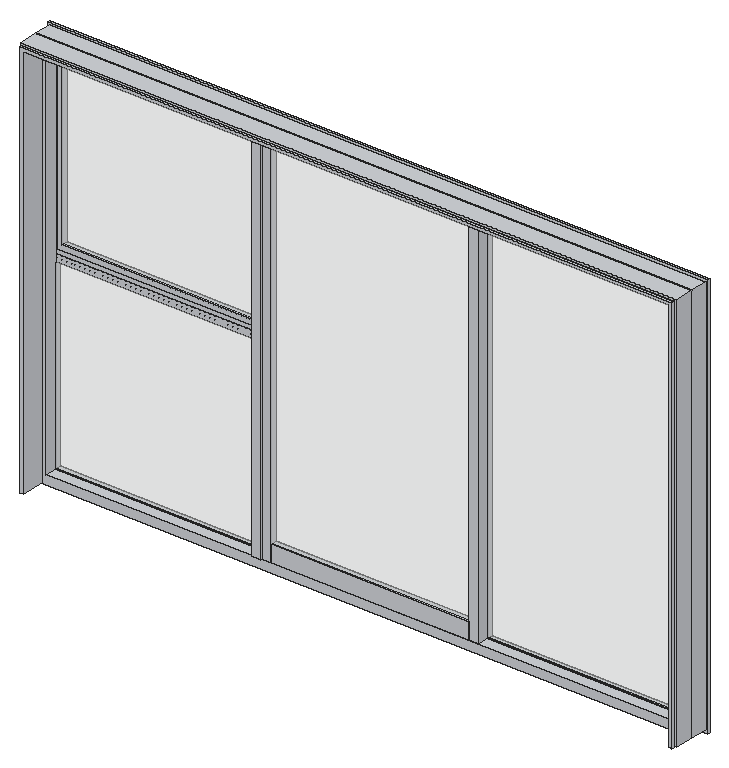
Revit family "APL Residential Thermal Heart Sliding Door FSF with Sidelight", category Doors, host Wall, Revit 2017 (continued)
Definition of nested family "APL Residential Thermal Heart Sliding Door FSF with Sidelight Horizontal Section"
  Definition of nested family "Three Panel Closer"
    Definition of nested family "65720_Sash"
      Lines and regions (mm)
        model lines, in view "Ref. Level"
          curve 235: arc (5.501, -22.65, 0) -> (5.359, -22.708, 0) -> (5.3, -22.85, 0) r 0.2
          curve 236: arc (5.3, -23.2, 0) -> (5.241, -23.341, 0) -> (5.1, -23.4, 0) r 0.201
          curve 237: arc (4.497, -23.4, 0) -> (4.357, -23.341, 0) -> (4.3, -23.2, 0) r 0.198
          curve 238: arc (4.3, -20.1, 0) -> (4.358, -19.96, 0) -> (4.497, -19.9, 0) r 0.2
          curve 239: arc (5.1, -19.9, 0) -> (5.241, -19.959, 0) -> (5.3, -20.1, 0) r 0.2
          curve 240: arc (5.3, -20.45, 0) -> (5.359, -20.591, 0) -> (5.5, -20.65, 0) r 0.2
          curve 241: arc (6.1, -20.65, 0) -> (6.241, -20.591, 0) -> (6.3, -20.45, 0) r 0.2
          curve 242: arc (6.3, -19.092, 0) -> (6.244, -18.951, 0) -> (6.1, -18.9, 0) r 0.184
          curve 243: arc (6.217, -8, 0) -> (6.522, -7.801, 0) -> (6.795, -8.043, 0) r 0.3
          curve 244: arc (6.795, -8.043, 0) -> (6.861, -8.181, 0) -> (6.987, -8.268, 0) r 0.3
          curve 245: arc (8.397, -8.782, 0) -> (8.683, -8.738, 0) -> (8.799, -8.474, 0) r 0.3
          curve 246: arc (8.592, -6.108, 0) -> (8.565, -6.008, 0) -> (8.505, -5.922, 0) r 0.3
          curve 247: arc (8.141, -5.559, 0) -> (7.948, -5.507, 0) -> (7.807, -5.648, 0) r 0.2
          curve 248: arc (7.762, -5.816, 0) -> (7.71, -5.905, 0) -> (7.621, -5.957, 0) r 0.2
          curve 249: arc (5.4, -6.5, 0) -> (5.12, -6.307, 0) -> (5.2, -5.976, 0) r 0.3
          curve 250: arc (5.2, -5.976, 0) -> (5.274, -5.875, 0) -> (5.3, -5.753, 0) r 0.3
          curve 251: arc (5.106, -1.75, 0) -> (5.142, -1.578, 0) -> (5.3, -1.5, 0) r 0.2
          curve 252: arc (5.82, -1.5, 0) -> (5.902, -1.511, 0) -> (5.977, -1.544, 0) r 0.3
          curve 253: arc (7.231, -2.309, 0) -> (7.228, -2.479, 0) -> (7.334, -2.611, 0) r 0.25
          curve 254: arc (7.42, -2.663, 0) -> (7.672, -2.668, 0) -> (7.8, -2.45, 0) r 0.25
          curve 255: arc (-0.454, 6.272, 0) -> (-0.427, 6.485, 0) -> (-0.608, 6.6, 0) r 0.2
          curve 256: arc (-3.4, 6.6, 0) -> (-4.107, 6.307, 0) -> (-4.4, 5.6, 0) r 1
          curve 257: arc (-4.4, -2.447, 0) -> (-4.254, -2.802, 0) -> (-3.9, -2.949, 0) r 0.5
          curve 258: arc (-2.4, -2.949, 0) -> (-1.693, -3.242, 0) -> (-1.4, -3.949, 0) r 1
          curve 259: arc (-1.4, -4.449, 0) -> (-1.9, -4.949, 0) -> (-2.4, -4.449, 0) r 0.5
          curve 260: arc (-4, -3.949, 0) -> (-4.283, -4.067, 0) -> (-4.4, -4.349, 0) r 0.4
          curve 261: arc (-4.4, -9.05, 0) -> (-4, -9.45, 0) -> (-4.4, -9.85, 0) r 0.4
          curve 262: arc (-4.4, -14.452, 0) -> (-4.347, -14.721, 0) -> (-4.195, -14.949, 0) r 0.7
          curve 263: arc (-2.4, -14.449, 0) -> (-1.9, -13.949, 0) -> (-1.4, -14.449, 0) r 0.5
          curve 264: arc (-1.4, -15.007, 0) -> (-1.602, -15.609, 0) -> (-2.125, -15.969, 0) r 1
          curve 265: arc (-2.125, -15.969, 0) -> (-2.472, -16.324, 0) -> (-2.341, -16.803, 0) r 0.5
          curve 266: arc (2.959, -22.103, 0) -> (3.177, -22.146, 0) -> (3.3, -21.962, 0) r 0.2
          curve 267: line (7.8, 0.874, 0) -> (7.8, 2.449, 0)
          curve 268: line (7.231, 2.309, 0) -> (5.977, 1.544, 0)
          curve 269: line (5.977, 1.544, 0) -> (5.3, 1.5, 0)
          curve 270: line (5.106, 1.75, 0) -> (5.294, 2.475, 0)
          curve 271: line (5.294, 2.475, 0) -> (5.3, 5.753, 0)
          curve 272: line (5.554, 6.5, 0) -> (7.621, 5.957, 0)
          curve 273: line (7.621, 5.957, 0) -> (7.807, 5.648, 0)
          curve 274: line (8.141, 5.559, 0) -> (8.505, 5.922, 0)
          curve 275: line (8.592, 6.108, 0) -> (8.799, 8.474, 0)
          curve 276: line (8.397, 8.782, 0) -> (6.987, 8.268, 0)
          curve 277: line (6.217, 8, 0) -> (-3.3, 8, 0)
          curve 278: line (-4.3, 9, 0) -> (-4.3, 18.8, 0)
          curve 279: line (-4.1, 19, 0) -> (-3.2, 19, 0)
          curve 280: line (-2.2, 20, 0) -> (-2.2, 20.751, 0)
          curve 281: line (-3.2, 20.751, 0) -> (-3.2, 20, 0)
          curve 282: line (-3.2, 20, 0) -> (-4.7, 20, 0)
          curve 283: line (-4.7, 20, 0) -> (-4.7, 25.5, 0)
          curve 284: line (-4.7, 25.5, 0) -> (-3.2, 25.5, 0)
          curve 285: line (-3.2, 25.5, 0) -> (-3.2, 24.751, 0)
          curve 286: line (-2.2, 24.751, 0) -> (-2.2, 25.501, 0)
          curve 287: line (-3.199, 26.5, 0) -> (-4.7, 26.5, 0)
          curve 288: line (-5.7, 25.5, 0) -> (-5.7, -14.454, 0)
          curve 289: line (-5.114, -15.869, 0) -> (5.959, -26.941, 0)
          curve 290: line (6.3, -26.8, 0) -> (6.3, -22.85, 0)
          curve 291: line (6.1, -22.65, 0) -> (5.501, -22.65, 0)
          curve 292: line (5.3, -22.85, 0) -> (5.3, -23.2, 0)
          curve 293: line (5.1, -23.4, 0) -> (4.497, -23.4, 0)
          curve 294: line (4.3, -23.2, 0) -> (4.3, -20.1, 0)
          curve 295: line (4.497, -19.9, 0) -> (5.1, -19.9, 0)
          curve 296: line (5.3, -20.1, 0) -> (5.3, -20.45, 0)
          curve 297: line (5.5, -20.65, 0) -> (6.1, -20.65, 0)
          curve 298: line (6.3, -20.45, 0) -> (6.3, -19.092, 0)
          curve 299: line (6.1, -18.9, 0) -> (4.6, -18.9, 0)
          curve 300: line (4.6, -18.9, 0) -> (4.6, -8, 0)
          curve 301: line (4.6, -8, 0) -> (6.217, -8, 0)
          curve 302: line (6.987, -8.268, 0) -> (8.397, -8.782, 0)
          curve 303: line (8.799, -8.474, 0) -> (8.592, -6.108, 0)
          curve 304: line (8.505, -5.922, 0) -> (8.141, -5.559, 0)
          curve 305: line (7.807, -5.648, 0) -> (7.762, -5.816, 0)
          curve 306: line (7.762, -5.816, 0) -> (5.632, -6.49, 0)
          curve 307: line (5.632, -6.49, 0) -> (5.4, -6.5, 0)
          curve 308: line (5.3, -5.753, 0) -> (5.3, -2.525, 0)
          curve 309: line (5.3, -2.525, 0) -> (5.106, -1.75, 0)
          curve 310: line (5.3, -1.5, 0) -> (5.82, -1.5, 0)
          curve 311: line (5.821, -1.5, 0) -> (7.231, -2.309, 0)
          curve 312: line (7.8, -2.45, 0) -> (7.8, -0.874, 0)
          curve 313: line (-0.608, 6.6, 0) -> (-3.4, 6.6, 0)
          curve 314: line (-4.4, 5.6, 0) -> (-4.4, -2.447, 0)
          curve 315: line (-3.9, -2.949, 0) -> (-2.4, -2.949, 0)
          curve 316: line (-1.4, -3.949, 0) -> (-1.4, -4.449, 0)
          curve 317: line (-2.4, -4.449, 0) -> (-2.4, -3.949, 0)
          curve 318: line (-2.4, -3.949, 0) -> (-4, -3.949, 0)
          curve 319: line (-4.4, -4.349, 0) -> (-4.4, -9.05, 0)
          curve 320: line (-4.4, -9.85, 0) -> (-4.4, -14.452, 0)
          curve 321: line (-4.195, -14.949, 0) -> (-2.4, -14.949, 0)
          curve 322: line (-2.4, -14.949, 0) -> (-2.4, -14.449, 0)
          curve 323: line (-1.4, -14.449, 0) -> (-1.4, -15.007, 0)
          curve 324: line (-2.341, -16.803, 0) -> (2.959, -22.103, 0)
          curve 325: line (3.3, -21.962, 0) -> (3.3, 2.193, 0)
          curve 326: arc (3.3, 2.193, 0) -> (3.272, 2.296, 0) -> (3.194, 2.37, 0) r 0.2
          curve 327: arc (3.194, 2.37, 0) -> (2.838, 2.85, 0) -> (2.984, 3.43, 0) r 0.7
          curve 328: arc (2.984, 3.43, 0) -> (3.33, 4.4, 0) -> (2.984, 5.37, 0) r 1.53
          curve 329: arc (2.984, 5.37, 0) -> (2.892, 5.514, 0) -> (2.838, 5.676, 0) r 0.7
          curve 330: arc (2.838, 5.676, 0) -> (2.741, 5.888, 0) -> (2.559, 6.032, 0) r 0.5
          curve 331: arc (2.559, 6.032, 0) -> (1.8, 6.2, 0) -> (1.041, 6.032, 0) r 1.8
          curve 332: arc (1.041, 6.032, 0) -> (0.859, 5.888, 0) -> (0.762, 5.676, 0) r 0.5
          curve 333: arc (0.762, 5.676, 0) -> (0.708, 5.514, 0) -> (0.616, 5.37, 0) r 0.7
          curve 334: arc (0.616, 5.37, 0) -> (0.27, 4.4, 0) -> (0.616, 3.43, 0) r 1.53
          curve 335: arc (0.616, 3.43, 0) -> (0.519, 2.445, 0) -> (-0.466, 2.543, 0) r 0.7
          curve 336: arc (-0.466, 2.543, 0) -> (-1.13, 4.41, 0) -> (-0.454, 6.272, 0) r 2.93
      Text (mm)
        text "65720" at (33.241, 33.025, 0), in view "Ref. Level"
    Definition of nested family "65440_Closer"
      Reference planes
        plane 1 "Center (Front/Back)": y = 0
        plane 2: z = 0
        plane 3 "Center (Left/Right)": x = 0
      Lines and regions (mm)
        model lines, in view "Ref. Level"
          curve 1: arc (15.021, 8.957, 0) -> (15.11, 8.905, 0) -> (15.162, 8.816, 0) r 0.2
          curve 2: arc (15.207, 8.648, 0) -> (15.348, 8.507, 0) -> (15.541, 8.559, 0) r 0.2
          curve 3: arc (15.905, 8.922, 0) -> (15.965, 9.008, 0) -> (15.992, 9.108, 0) r 0.3
          curve 4: arc (16.199, 11.474, 0) -> (16.083, 11.738, 0) -> (15.797, 11.782, 0) r 0.3
          curve 5: arc (14.387, 11.268, 0) -> (14.261, 11.181, 0) -> (14.195, 11.043, 0) r 0.3
          curve 6: arc (14.195, 11.043, 0) -> (13.922, 10.801, 0) -> (13.617, 11, 0) r 0.3
          curve 7: arc (9.5, 11, 0) -> (9.359, 10.941, 0) -> (9.3, 10.8, 0) r 0.2
          curve 8: arc (9.3, 10.5, 0) -> (9.38, 10.2, 0) -> (9.6, 9.98, 0) r 0.6
          curve 9: arc (10.7, 9.345, 0) -> (10.773, 9.272, 0) -> (10.8, 9.172, 0) r 0.2
          curve 10: arc (10.8, 2, 0) -> (10.507, 1.293, 0) -> (9.8, 1, 0) r 1
          curve 11: arc (2.483, 1, 0) -> (1.783, 1.286, 0) -> (1.483, 1.98, 0) r 1
          curve 12: arc (1.322, 9.935, 0) -> (1.357, 10.052, 0) -> (1.453, 10.127, 0) r 0.2
          curve 13: arc (1.453, 10.127, 0) -> (1.621, 10.234, 0) -> (1.725, 10.403, 0) r 0.45
          curve 14: arc (1.725, 10.403, 0) -> (1.729, 10.522, 0) -> (1.665, 10.621, 0) r 0.2
          curve 15: arc (0.2, 11, 0) -> (0.059, 10.941, 0) -> (0, 10.8, 0) r 0.2
          curve 16: arc (0, -10.8, 0) -> (0.059, -10.941, 0) -> (0.2, -11, 0) r 0.2
          curve 17: arc (1.665, -10.621, 0) -> (1.729, -10.522, 0) -> (1.725, -10.403, 0) r 0.2
          curve 18: arc (1.725, -10.403, 0) -> (1.621, -10.234, 0) -> (1.453, -10.127, 0) r 0.45
          curve 19: arc (1.453, -10.127, 0) -> (1.357, -10.052, 0) -> (1.322, -9.935, 0) r 0.2
          curve 20: arc (1.483, -1.98, 0) -> (1.783, -1.286, 0) -> (2.483, -1, 0) r 1
          curve 21: arc (9.8, -1, 0) -> (10.507, -1.293, 0) -> (10.8, -2, 0) r 1
          curve 22: arc (10.8, -9.172, 0) -> (10.773, -9.272, 0) -> (10.7, -9.345, 0) r 0.2
          curve 23: arc (9.6, -9.98, 0) -> (9.38, -10.2, 0) -> (9.3, -10.5, 0) r 0.6
          curve 24: arc (9.3, -10.8, 0) -> (9.359, -10.941, 0) -> (9.5, -11, 0) r 0.2
          curve 25: arc (13.617, -11, 0) -> (13.922, -10.801, 0) -> (14.195, -11.043, 0) r 0.3
          curve 26: arc (14.195, -11.043, 0) -> (14.261, -11.181, 0) -> (14.387, -11.268, 0) r 0.3
          curve 27: arc (15.797, -11.782, 0) -> (16.083, -11.738, 0) -> (16.199, -11.474, 0) r 0.3
          curve 28: arc (15.992, -9.108, 0) -> (15.965, -9.008, 0) -> (15.905, -8.922, 0) r 0.3
          curve 29: arc (15.541, -8.559, 0) -> (15.348, -8.507, 0) -> (15.207, -8.648, 0) r 0.2
          curve 30: arc (15.162, -8.816, 0) -> (15.11, -8.905, 0) -> (15.021, -8.957, 0) r 0.2
          curve 31: arc (12.8, -9.5, 0) -> (12.52, -9.307, 0) -> (12.6, -8.976, 0) r 0.3
          curve 32: arc (12.6, -8.976, 0) -> (12.674, -8.875, 0) -> (12.7, -8.753, 0) r 0.3
          curve 33: arc (12.506, -4.75, 0) -> (12.542, -4.578, 0) -> (12.7, -4.5, 0) r 0.2
          curve 34: arc (13.221, -4.5, 0) -> (13.302, -4.511, 0) -> (13.377, -4.544, 0) r 0.3
          curve 35: arc (14.631, -5.309, 0) -> (14.628, -5.479, 0) -> (14.734, -5.611, 0) r 0.25
          curve 36: arc (14.82, -5.663, 0) -> (15.072, -5.668, 0) -> (15.2, -5.45, 0) r 0.25
          curve 37: arc (15.2, -3.001, 0) -> (15.054, -2.647, 0) -> (14.7, -2.5, 0) r 0.5
          curve 38: arc (12.901, -2.5, 0) -> (12.759, -2.442, 0) -> (12.7, -2.3, 0) r 0.2
          curve 39: arc (12.7, -0.4, 0) -> (13.1, 0, 0) -> (12.7, 0.4, 0) r 0.4
          curve 40: arc (12.7, 2.3, 0) -> (12.759, 2.441, 0) -> (12.9, 2.5, 0) r 0.2
          curve 41: arc (14.697, 2.5, 0) -> (15.053, 2.645, 0) -> (15.2, 3, 0) r 0.5
          curve 42: arc (15.2, 5.449, 0) -> (15.073, 5.668, 0) -> (14.82, 5.663, 0) r 0.25
          curve 43: arc (14.734, 5.611, 0) -> (14.628, 5.479, 0) -> (14.631, 5.309, 0) r 0.25
          curve 44: arc (13.377, 4.544, 0) -> (13.302, 4.511, 0) -> (13.221, 4.5, 0) r 0.3
          curve 45: arc (12.7, 4.5, 0) -> (12.542, 4.578, 0) -> (12.506, 4.75, 0) r 0.2
          curve 46: line (12.954, 9.5, 0) -> (15.021, 8.957, 0)
          curve 47: line (15.021, 8.957, 0) -> (15.207, 8.648, 0)
          curve 48: line (15.541, 8.559, 0) -> (15.905, 8.922, 0)
          curve 49: line (15.992, 9.108, 0) -> (16.199, 11.474, 0)
          curve 50: line (15.797, 11.782, 0) -> (14.387, 11.268, 0)
          curve 51: line (13.617, 11, 0) -> (9.5, 11, 0)
          curve 52: line (9.3, 10.8, 0) -> (9.3, 10.5, 0)
          curve 53: line (9.6, 9.98, 0) -> (10.7, 9.345, 0)
          curve 54: line (10.8, 9.172, 0) -> (10.8, 2, 0)
          curve 55: line (9.8, 1, 0) -> (2.483, 1, 0)
          curve 56: line (1.483, 1.98, 0) -> (1.322, 9.935, 0)
          curve 57: line (1.665, 10.621, 0) -> (1.269, 10.953, 0)
          curve 58: line (1.269, 10.953, 0) -> (0.2, 11, 0)
          curve 59: line (0, 10.8, 0) -> (0, -10.8, 0)
          curve 60: line (0.2, -11, 0) -> (1.141, -11, 0)
          curve 61: line (1.141, -11, 0) -> (1.665, -10.621, 0)
          curve 62: line (1.322, -9.935, 0) -> (1.483, -1.98, 0)
          curve 63: line (2.483, -1, 0) -> (9.8, -1, 0)
          curve 64: line (10.8, -2, 0) -> (10.8, -9.172, 0)
          curve 65: line (10.7, -9.345, 0) -> (9.6, -9.98, 0)
          curve 66: line (9.3, -10.5, 0) -> (9.3, -10.8, 0)
          curve 67: line (9.5, -11, 0) -> (13.617, -11, 0)
          curve 68: line (14.387, -11.268, 0) -> (15.797, -11.782, 0)
          curve 69: line (16.199, -11.474, 0) -> (15.992, -9.108, 0)
          curve 70: line (15.905, -8.922, 0) -> (15.541, -8.559, 0)
          curve 71: line (15.207, -8.648, 0) -> (15.162, -8.816, 0)
          curve 72: line (15.162, -8.816, 0) -> (13.032, -9.49, 0)
          curve 73: line (13.032, -9.49, 0) -> (12.8, -9.5, 0)
          curve 74: line (12.7, -8.753, 0) -> (12.7, -5.525, 0)
          curve 75: line (12.7, -5.525, 0) -> (12.506, -4.75, 0)
          curve 76: line (12.7, -4.5, 0) -> (13.221, -4.5, 0)
          curve 77: line (13.221, -4.5, 0) -> (14.631, -5.309, 0)
          curve 78: line (15.2, -5.45, 0) -> (15.2, -3.001, 0)
          curve 79: line (14.7, -2.5, 0) -> (12.901, -2.5, 0)
          curve 80: line (12.7, -2.3, 0) -> (12.7, -0.4, 0)
          curve 81: line (12.7, 0.4, 0) -> (12.7, 2.3, 0)
          curve 82: line (12.9, 2.5, 0) -> (14.697, 2.5, 0)
          curve 83: line (15.2, 3, 0) -> (15.2, 5.449, 0)
          curve 84: line (14.631, 5.309, 0) -> (13.377, 4.544, 0)
          curve 85: line (13.377, 4.544, 0) -> (12.7, 4.5, 0)
          curve 86: line (12.506, 4.75, 0) -> (12.694, 5.475, 0)
          curve 87: line (12.694, 5.475, 0) -> (12.7, 8.753, 0)
          curve 88: arc (12.7, 8.753, 0) -> (12.674, 8.875, 0) -> (12.6, 8.976, 0) r 0.3
          curve 89: arc (12.6, 8.976, 0) -> (12.52, 9.307, 0) -> (12.8, 9.5, 0) r 0.3
          curve 90: arc (12.7, -5.4, 0) -> (12.817, -5.117, 0) -> (13.1, -5, 0) r 0.4
          curve 91: arc (13.393, -5, 0) -> (13.496, -5.014, 0) -> (13.593, -5.054, 0) r 0.4
          curve 92: arc (15.121, -5.939, 0) -> (15.411, -6.059, 0) -> (15.722, -6.1, 0) r 1.2
          curve 93: arc (16.645, -6.1, 0) -> (17.218, -6.281, 0) -> (17.584, -6.758, 0) r 1
          curve 94: arc (18.377, -8.937, 0) -> (18.524, -9.128, 0) -> (18.753, -9.2, 0) r 0.4
          curve 95: arc (21.447, -9.2, 0) -> (21.676, -9.128, 0) -> (21.823, -8.937, 0) r 0.4
          curve 96: arc (22.616, -6.758, 0) -> (22.982, -6.281, 0) -> (23.555, -6.1, 0) r 1
          curve 97: arc (24.478, -6.1, 0) -> (24.789, -6.059, 0) -> (25.079, -5.939, 0) r 1.2
          curve 98: arc (26.607, -5.054, 0) -> (26.704, -5.014, 0) -> (26.807, -5, 0) r 0.4
          curve 99: arc (27.1, -5, 0) -> (27.383, -5.117, 0) -> (27.5, -5.4, 0) r 0.4
          curve 100: arc (27.5, -8.8, 0) -> (27.383, -9.083, 0) -> (27.1, -9.2, 0) r 0.4
          curve 101: arc (26.807, -9.2, 0) -> (26.704, -9.186, 0) -> (26.607, -9.146, 0) r 0.4
          curve 102: arc (25.079, -8.261, 0) -> (24.785, -8.14, 0) -> (24.47, -8.1, 0) r 1.2
          curve 103: arc (24.47, -8.1, 0) -> (24.295, -8.153, 0) -> (24.184, -8.297, 0) r 0.3
          curve 104: arc (23.296, -10.737, 0) -> (23.149, -10.928, 0) -> (22.92, -11, 0) r 0.4
          curve 105: arc (17.28, -11, 0) -> (17.051, -10.928, 0) -> (16.904, -10.737, 0) r 0.4
          curve 106: arc (16.016, -8.297, 0) -> (15.905, -8.153, 0) -> (15.73, -8.1, 0) r 0.3
          curve 107: arc (15.73, -8.1, 0) -> (15.415, -8.14, 0) -> (15.121, -8.261, 0) r 1.2
          curve 108: arc (13.593, -9.146, 0) -> (13.496, -9.186, 0) -> (13.393, -9.2, 0) r 0.4
          curve 109: arc (13.1, -9.2, 0) -> (12.817, -9.083, 0) -> (12.7, -8.8, 0) r 0.4
          curve 110: line (13.1, -5, 0) -> (13.393, -5, 0)
          curve 111: line (13.593, -5.054, 0) -> (15.121, -5.939, 0)
          curve 112: line (15.722, -6.1, 0) -> (16.645, -6.1, 0)
          curve 113: line (17.584, -6.758, 0) -> (18.377, -8.937, 0)
          curve 114: line (18.753, -9.2, 0) -> (21.447, -9.2, 0)
          curve 115: line (21.823, -8.937, 0) -> (22.616, -6.758, 0)
          curve 116: line (23.555, -6.1, 0) -> (24.478, -6.1, 0)
          curve 117: line (25.079, -5.939, 0) -> (26.607, -5.054, 0)
          curve 118: line (26.807, -5, 0) -> (27.1, -5, 0)
          curve 119: line (27.5, -5.4, 0) -> (27.5, -8.8, 0)
          curve 120: line (27.1, -9.2, 0) -> (26.807, -9.2, 0)
          curve 121: line (26.607, -9.146, 0) -> (25.079, -8.261, 0)
          curve 122: line (24.184, -8.297, 0) -> (23.296, -10.737, 0)
          curve 123: line (22.92, -11, 0) -> (17.28, -11, 0)
          curve 124: line (16.904, -10.737, 0) -> (16.016, -8.297, 0)
          curve 125: line (15.121, -8.261, 0) -> (13.593, -9.146, 0)
          curve 126: line (13.393, -9.2, 0) -> (13.1, -9.2, 0)
          curve 127: line (12.7, -8.8, 0) -> (12.7, -5.4, 0)
          curve 128: arc (12.7, 5.4, 0) -> (12.817, 5.117, 0) -> (13.1, 5, 0) r 0.4
          curve 129: arc (13.393, 5, 0) -> (13.496, 5.014, 0) -> (13.593, 5.054, 0) r 0.4
          curve 130: arc (15.121, 5.939, 0) -> (15.411, 6.059, 0) -> (15.722, 6.1, 0) r 1.2
          curve 131: arc (16.645, 6.1, 0) -> (17.218, 6.281, 0) -> (17.584, 6.758, 0) r 1
          curve 132: arc (18.377, 8.937, 0) -> (18.524, 9.128, 0) -> (18.753, 9.2, 0) r 0.4
          curve 133: arc (21.447, 9.2, 0) -> (21.676, 9.128, 0) -> (21.823, 8.937, 0) r 0.4
          curve 134: arc (22.616, 6.758, 0) -> (22.982, 6.281, 0) -> (23.555, 6.1, 0) r 1
          curve 135: arc (24.478, 6.1, 0) -> (24.789, 6.059, 0) -> (25.079, 5.939, 0) r 1.2
          curve 136: arc (26.607, 5.054, 0) -> (26.704, 5.014, 0) -> (26.807, 5, 0) r 0.4
          curve 137: arc (27.1, 5, 0) -> (27.383, 5.117, 0) -> (27.5, 5.4, 0) r 0.4
          curve 138: arc (27.5, 8.8, 0) -> (27.383, 9.083, 0) -> (27.1, 9.2, 0) r 0.4
          curve 139: arc (26.807, 9.2, 0) -> (26.704, 9.186, 0) -> (26.607, 9.146, 0) r 0.4
          curve 140: arc (25.079, 8.261, 0) -> (24.785, 8.14, 0) -> (24.47, 8.1, 0) r 1.2
          curve 141: arc (24.47, 8.1, 0) -> (24.295, 8.153, 0) -> (24.184, 8.297, 0) r 0.3
          curve 142: arc (23.296, 10.737, 0) -> (23.149, 10.928, 0) -> (22.92, 11, 0) r 0.4
          curve 143: arc (17.28, 11, 0) -> (17.051, 10.928, 0) -> (16.904, 10.737, 0) r 0.4
          curve 144: arc (16.016, 8.297, 0) -> (15.905, 8.153, 0) -> (15.73, 8.1, 0) r 0.3
          curve 145: arc (15.73, 8.1, 0) -> (15.415, 8.14, 0) -> (15.121, 8.261, 0) r 1.2
          curve 146: arc (13.593, 9.146, 0) -> (13.496, 9.186, 0) -> (13.393, 9.2, 0) r 0.4
          curve 147: arc (13.1, 9.2, 0) -> (12.817, 9.083, 0) -> (12.7, 8.8, 0) r 0.4
          curve 148: line (13.1, 5, 0) -> (13.393, 5, 0)
          curve 149: line (13.593, 5.054, 0) -> (15.121, 5.939, 0)
          curve 150: line (15.722, 6.1, 0) -> (16.645, 6.1, 0)
          curve 151: line (17.584, 6.758, 0) -> (18.377, 8.937, 0)
          curve 152: line (18.753, 9.2, 0) -> (21.447, 9.2, 0)
          curve 153: line (21.823, 8.937, 0) -> (22.616, 6.758, 0)
          curve 154: line (23.555, 6.1, 0) -> (24.478, 6.1, 0)
          curve 155: line (25.079, 5.939, 0) -> (26.607, 5.054, 0)
          curve 156: line (26.807, 5, 0) -> (27.1, 5, 0)
          curve 157: line (27.5, 5.4, 0) -> (27.5, 8.8, 0)
          curve 158: line (27.1, 9.2, 0) -> (26.807, 9.2, 0)
          curve 159: line (26.607, 9.146, 0) -> (25.079, 8.261, 0)
          curve 160: line (24.184, 8.297, 0) -> (23.296, 10.737, 0)
          curve 161: line (22.92, 11, 0) -> (17.28, 11, 0)
          curve 162: line (16.904, 10.737, 0) -> (16.016, 8.297, 0)
          curve 163: line (15.121, 8.261, 0) -> (13.593, 9.146, 0)
          curve 164: line (13.393, 9.2, 0) -> (13.1, 9.2, 0)
          curve 165: line (12.7, 8.8, 0) -> (12.7, 5.4, 0)
          curve 166: arc (70.2, 5.6, 0) -> (70.317, 5.883, 0) -> (70.6, 6, 0) r 0.4
          curve 167: arc (70.893, 6, 0) -> (70.996, 5.986, 0) -> (71.093, 5.946, 0) r 0.4
          curve 168: arc (72.621, 5.061, 0) -> (72.911, 4.941, 0) -> (73.222, 4.9, 0) r 1.2
          curve 169: arc (74.145, 4.9, 0) -> (74.718, 4.719, 0) -> (75.084, 4.242, 0) r 1
          curve 170: arc (75.877, 2.063, 0) -> (76.024, 1.872, 0) -> (76.253, 1.8, 0) r 0.4
          curve 171: arc (78.947, 1.8, 0) -> (79.176, 1.872, 0) -> (79.323, 2.063, 0) r 0.4
          curve 172: arc (80.116, 4.242, 0) -> (80.482, 4.719, 0) -> (81.055, 4.9, 0) r 1
          curve 173: arc (81.978, 4.9, 0) -> (82.289, 4.941, 0) -> (82.579, 5.061, 0) r 1.2
          curve 174: arc (84.107, 5.946, 0) -> (84.204, 5.986, 0) -> (84.307, 6, 0) r 0.4
          curve 175: arc (84.6, 6, 0) -> (84.883, 5.883, 0) -> (85, 5.6, 0) r 0.4
          curve 176: arc (85, 2.2, 0) -> (84.883, 1.917, 0) -> (84.6, 1.8, 0) r 0.4
          curve 177: arc (84.307, 1.8, 0) -> (84.204, 1.814, 0) -> (84.107, 1.854, 0) r 0.4
          curve 178: arc (82.579, 2.739, 0) -> (82.285, 2.86, 0) -> (81.97, 2.9, 0) r 1.2
          curve 179: arc (81.97, 2.9, 0) -> (81.795, 2.847, 0) -> (81.684, 2.703, 0) r 0.3
          curve 180: arc (80.796, 0.263, 0) -> (80.649, 0.072, 0) -> (80.42, 0, 0) r 0.4
          curve 181: arc (74.78, 0, 0) -> (74.551, 0.072, 0) -> (74.404, 0.263, 0) r 0.4
          curve 182: arc (73.516, 2.703, 0) -> (73.405, 2.847, 0) -> (73.23, 2.9, 0) r 0.3
          curve 183: arc (73.23, 2.9, 0) -> (72.915, 2.86, 0) -> (72.621, 2.739, 0) r 1.2
          curve 184: arc (71.093, 1.854, 0) -> (70.996, 1.814, 0) -> (70.893, 1.8, 0) r 0.4
          curve 185: arc (70.6, 1.8, 0) -> (70.317, 1.917, 0) -> (70.2, 2.2, 0) r 0.4
          curve 186: line (70.6, 6, 0) -> (70.893, 6, 0)
          curve 187: line (71.093, 5.946, 0) -> (72.621, 5.061, 0)
          curve 188: line (73.222, 4.9, 0) -> (74.145, 4.9, 0)
          curve 189: line (75.084, 4.242, 0) -> (75.877, 2.063, 0)
          curve 190: line (76.253, 1.8, 0) -> (78.947, 1.8, 0)
          curve 191: line (79.323, 2.063, 0) -> (80.116, 4.242, 0)
          curve 192: line (81.055, 4.9, 0) -> (81.978, 4.9, 0)
          curve 193: line (82.579, 5.061, 0) -> (84.107, 5.946, 0)
          curve 194: line (84.307, 6, 0) -> (84.6, 6, 0)
          curve 195: line (85, 5.6, 0) -> (85, 2.2, 0)
          curve 196: line (84.6, 1.8, 0) -> (84.307, 1.8, 0)
          curve 197: line (84.107, 1.854, 0) -> (82.579, 2.739, 0)
          curve 198: line (81.684, 2.703, 0) -> (80.796, 0.263, 0)
          curve 199: line (80.42, 0, 0) -> (74.78, 0, 0)
          curve 200: line (74.404, 0.263, 0) -> (73.516, 2.703, 0)
          curve 201: line (72.621, 2.739, 0) -> (71.093, 1.854, 0)
          curve 202: line (70.893, 1.8, 0) -> (70.6, 1.8, 0)
          curve 203: line (70.2, 2.2, 0) -> (70.2, 5.6, 0)
          curve 204: arc (42.7, -30, 0) -> (42.559, -29.941, 0) -> (42.5, -29.8, 0) r 0.2
          curve 205: arc (42.5, -28.25, 0) -> (43, -27.749, 0) -> (43.5, -28.25, 0) r 0.5
          curve 206: arc (43.5, -28.8, 0) -> (43.559, -28.941, 0) -> (43.7, -29, 0) r 0.2
          curve 207: arc (44.8, -29, 0) -> (44.941, -28.941, 0) -> (45, -28.8, 0) r 0.2
          curve 208: arc (45, -23.7, 0) -> (44.941, -23.559, 0) -> (44.8, -23.5, 0) r 0.2
          curve 209: arc (43.7, -23.5, 0) -> (43.559, -23.559, 0) -> (43.5, -23.7, 0) r 0.2
          curve 210: arc (43.5, -24.25, 0) -> (43, -24.749, 0) -> (42.5, -24.25, 0) r 0.5
          curve 211: arc (42.5, -23.5, 0) -> (42.793, -22.793, 0) -> (43.5, -22.5, 0) r 1
          curve 212: arc (44.395, -22.5, 0) -> (44.539, -22.443, 0) -> (44.6, -22.3, 0) r 0.202
          curve 213: arc (44.6, -11.2, 0) -> (44.538, -11.058, 0) -> (44.395, -11, 0) r 0.205
          curve 214: arc (26.583, -11, 0) -> (26.278, -10.801, 0) -> (26.005, -11.043, 0) r 0.3
          curve 215: arc (26.005, -11.043, 0) -> (25.939, -11.181, 0) -> (25.813, -11.268, 0) r 0.3
          curve 216: arc (24.403, -11.782, 0) -> (24.117, -11.738, 0) -> (24.001, -11.474, 0) r 0.3
          curve 217: arc (24.208, -9.108, 0) -> (24.235, -9.008, 0) -> (24.295, -8.922, 0) r 0.3
          curve 218: arc (24.659, -8.559, 0) -> (24.852, -8.507, 0) -> (24.993, -8.648, 0) r 0.2
          curve 219: arc (25.038, -8.816, 0) -> (25.09, -8.905, 0) -> (25.179, -8.957, 0) r 0.2
          curve 220: arc (27.4, -9.5, 0) -> (27.68, -9.307, 0) -> (27.6, -8.976, 0) r 0.3
          curve 221: arc (27.6, -8.976, 0) -> (27.526, -8.875, 0) -> (27.5, -8.753, 0) r 0.3
          curve 222: arc (27.694, -4.75, 0) -> (27.658, -4.578, 0) -> (27.5, -4.5, 0) r 0.2
          curve 223: arc (26.979, -4.5, 0) -> (26.898, -4.511, 0) -> (26.823, -4.544, 0) r 0.3
          curve 224: arc (25.569, -5.309, 0) -> (25.572, -5.479, 0) -> (25.466, -5.611, 0) r 0.25
          curve 225: arc (25.38, -5.663, 0) -> (25.128, -5.668, 0) -> (25, -5.45, 0) r 0.25
          curve 226: arc (25, -3.594, 0) -> (25.064, -3.349, 0) -> (25.239, -3.167, 0) r 0.5
          curve 227: arc (26.212, -2.573, 0) -> (26.338, -2.519, 0) -> (26.473, -2.5, 0) r 0.5
          curve 228: arc (27, -2.5, 0) -> (27.354, -2.354, 0) -> (27.5, -2, 0) r 0.5
          curve 229: arc (27.5, 1.999, 0) -> (27.354, 2.354, 0) -> (27, 2.5, 0) r 0.5
          curve 230: arc (26.473, 2.5, 0) -> (26.338, 2.519, 0) -> (26.212, 2.574, 0) r 0.5
          curve 231: arc (25.239, 3.167, 0) -> (25.064, 3.35, 0) -> (25, 3.594, 0) r 0.5
          curve 232: arc (25, 5.45, 0) -> (25.128, 5.668, 0) -> (25.38, 5.664, 0) r 0.25
          curve 233: arc (25.466, 5.612, 0) -> (25.572, 5.479, 0) -> (25.569, 5.309, 0) r 0.25
          curve 234: arc (26.823, 4.544, 0) -> (26.898, 4.512, 0) -> (26.979, 4.5, 0) r 0.3
          curve 235: arc (27.5, 4.5, 0) -> (27.658, 4.578, 0) -> (27.694, 4.75, 0) r 0.2
          curve 236: arc (27.5, 8.753, 0) -> (27.526, 8.876, 0) -> (27.6, 8.977, 0) r 0.3
          curve 237: arc (27.6, 8.977, 0) -> (27.68, 9.307, 0) -> (27.4, 9.5, 0) r 0.3
          curve 238: arc (25.179, 8.957, 0) -> (25.09, 8.906, 0) -> (25.038, 8.816, 0) r 0.2
          curve 239: arc (24.993, 8.649, 0) -> (24.852, 8.507, 0) -> (24.659, 8.559, 0) r 0.2
          curve 240: arc (24.295, 8.923, 0) -> (24.235, 9.008, 0) -> (24.208, 9.109, 0) r 0.3
          curve 241: arc (24.001, 11.474, 0) -> (24.117, 11.738, 0) -> (24.403, 11.782, 0) r 0.3
          curve 242: arc (25.813, 11.269, 0) -> (25.939, 11.182, 0) -> (26.005, 11.044, 0) r 0.3
          curve 243: arc (26.005, 11.044, 0) -> (26.278, 10.801, 0) -> (26.583, 11, 0) r 0.3
          curve 244: arc (44.395, 11, 0) -> (44.54, 11.057, 0) -> (44.6, 11.2, 0) r 0.2
          curve 245: arc (43.5, 22.5, 0) -> (42.793, 22.793, 0) -> (42.5, 23.5, 0) r 1
          curve 246: arc (42.5, 24.25, 0) -> (43, 24.75, 0) -> (43.5, 24.25, 0) r 0.5
          curve 247: arc (43.5, 28.25, 0) -> (43, 27.75, 0) -> (42.5, 28.25, 0) r 0.5
          curve 248: arc (42.5, 29.8, 0) -> (42.559, 29.942, 0) -> (42.7, 30, 0) r 0.2
          curve 249: arc (45.8, 30, 0) -> (45.942, 29.942, 0) -> (46, 29.8, 0) r 0.2
          curve 250: arc (46, 11.51, 0) -> (46.143, 11.15, 0) -> (46.5, 11, 0) r 0.5
          curve 251: arc (48.097, 11, 0) -> (48.453, 11.146, 0) -> (48.6, 11.5, 0) r 0.5
          curve 252: arc (48.6, 15.4, 0) -> (48.659, 15.542, 0) -> (48.8, 15.6, 0) r 0.2
          curve 253: arc (68.31, 15.6, 0) -> (68.484, 15.887, 0) -> (68.8, 16, 0) r 0.5
          curve 254: arc (71.117, 16, 0) -> (71.422, 15.801, 0) -> (71.695, 16.043, 0) r 0.3
          curve 255: arc (71.695, 16.043, 0) -> (71.761, 16.181, 0) -> (71.887, 16.268, 0) r 0.3
          curve 256: arc (73.297, 16.782, 0) -> (73.583, 16.738, 0) -> (73.699, 16.474, 0) r 0.3
          curve 257: arc (73.492, 14.108, 0) -> (73.465, 14.008, 0) -> (73.405, 13.922, 0) r 0.3
          curve 258: arc (73.041, 13.559, 0) -> (72.848, 13.507, 0) -> (72.707, 13.648, 0) r 0.2
          curve 259: arc (72.662, 13.816, 0) -> (72.61, 13.905, 0) -> (72.521, 13.957, 0) r 0.2
          curve 260: arc (70.3, 14.5, 0) -> (70.02, 14.307, 0) -> (70.1, 13.976, 0) r 0.3
          curve 261: arc (70.1, 13.976, 0) -> (70.174, 13.875, 0) -> (70.2, 13.753, 0) r 0.3
          curve 262: arc (70.006, 9.75, 0) -> (70.042, 9.578, 0) -> (70.2, 9.5, 0) r 0.2
          curve 263: arc (70.721, 9.5, 0) -> (70.802, 9.511, 0) -> (70.877, 9.544, 0) r 0.3
          curve 264: arc (72.131, 10.309, 0) -> (72.128, 10.479, 0) -> (72.234, 10.611, 0) r 0.25
          curve 265: arc (72.32, 10.663, 0) -> (72.572, 10.668, 0) -> (72.7, 10.45, 0) r 0.25
          curve 266: arc (72.7, 8.874, 0) -> (72.618, 8.477, 0) -> (72.385, 8.146, 0) r 1
          curve 267: arc (72.385, 8.146, 0) -> (72.322, 8, 0) -> (72.385, 7.854, 0) r 0.2
          curve 268: arc (72.385, 7.854, 0) -> (72.618, 7.523, 0) -> (72.7, 7.126, 0) r 1
          curve 269: arc (72.7, 5.55, 0) -> (72.572, 5.332, 0) -> (72.32, 5.337, 0) r 0.25
          curve 270: arc (72.234, 5.389, 0) -> (72.128, 5.521, 0) -> (72.131, 5.691, 0) r 0.25
          curve 271: arc (70.877, 6.456, 0) -> (70.802, 6.489, 0) -> (70.721, 6.5, 0) r 0.3
          curve 272: arc (70.2, 6.5, 0) -> (70.042, 6.422, 0) -> (70.006, 6.25, 0) r 0.2
          curve 273: arc (70.2, 2.247, 0) -> (70.174, 2.125, 0) -> (70.1, 2.024, 0) r 0.3
          curve 274: arc (70.1, 2.024, 0) -> (70.02, 1.693, 0) -> (70.3, 1.5, 0) r 0.3
          curve 275: arc (72.521, 2.043, 0) -> (72.61, 2.095, 0) -> (72.662, 2.184, 0) r 0.2
          curve 276: arc (72.707, 2.352, 0) -> (72.848, 2.493, 0) -> (73.041, 2.441, 0) r 0.2
          curve 277: arc (73.405, 2.078, 0) -> (73.465, 1.992, 0) -> (73.492, 1.892, 0) r 0.3
          curve 278: arc (73.699, -0.474, 0) -> (73.583, -0.738, 0) -> (73.297, -0.782, 0) r 0.3
          curve 279: arc (71.887, -0.268, 0) -> (71.761, -0.181, 0) -> (71.695, -0.043, 0) r 0.3
          curve 280: arc (71.695, -0.043, 0) -> (71.422, 0.199, 0) -> (71.117, 0, 0) r 0.3
          curve 281: arc (66.201, 0, 0) -> (65.847, -0.146, 0) -> (65.7, -0.5, 0) r 0.5
          curve 282: arc (65.7, -12.519, 0) -> (65.922, -13.994, 0) -> (66.57, -15.337, 0) r 5
          curve 283: arc (66.57, -15.337, 0) -> (67.411, -17.083, 0) -> (67.7, -19, 0) r 6.5
          curve 284: arc (67.7, -19.8, 0) -> (67.759, -19.941, 0) -> (67.9, -20, 0) r 0.2
          curve 285: arc (69.3, -20, 0) -> (69.441, -19.941, 0) -> (69.5, -19.8, 0) r 0.2
          curve 286: arc (69.5, -19.5, 0) -> (70, -18.999, 0) -> (70.5, -19.5, 0) r 0.5
          curve 287: arc (70.5, -22.048, 0) -> (70.001, -22.55, 0) -> (69.5, -22.05, 0) r 0.5
          curve 288: arc (69.5, -21.2, 0) -> (69.441, -21.059, 0) -> (69.3, -21, 0) r 0.2
          curve 289: arc (67.9, -21, 0) -> (67.759, -21.059, 0) -> (67.7, -21.2, 0) r 0.2
          curve 290: arc (67.7, -28.5, 0) -> (67.759, -28.641, 0) -> (67.9, -28.7, 0) r 0.2
          curve 291: arc (69.3, -28.7, 0) -> (69.441, -28.641, 0) -> (69.5, -28.5, 0) r 0.2
          curve 292: arc (69.5, -27.65, 0) -> (70, -27.149, 0) -> (70.5, -27.65, 0) r 0.5
          curve 293: arc (70.5, -29.499, 0) -> (70.354, -29.853, 0) -> (70, -30, 0) r 0.5
          curve 294: arc (47, -28.6, 0) -> (46.646, -28.454, 0) -> (46.5, -28.1, 0) r 0.5
          curve 295: arc (46.5, -23.5, 0) -> (46.409, -22.986, 0) -> (46.147, -22.533, 0) r 1.5
          curve 296: arc (46.1, -11.2, 0) -> (45.602, -9.998, 0) -> (44.4, -9.5, 0) r 1.7
          curve 297: arc (37.555, -9.5, 0) -> (37.114, -9.235, 0) -> (37.139, -8.722, 0) r 0.5
          curve 298: arc (37.139, -8.722, 0) -> (37.784, -6.197, 0) -> (36.695, -3.83, 0) r 3.9
          curve 299: arc (36.695, -3.83, 0) -> (35.422, -3.813, 0) -> (35.405, -5.085, 0) r 0.9
          curve 300: arc (35.405, -5.085, 0) -> (36, -6.55, 0) -> (35.405, -8.015, 0) r 2.1
          curve 301: arc (35.405, -8.015, 0) -> (35.28, -8.177, 0) -> (35.194, -8.364, 0) r 0.9
          curve 302: arc (35.194, -8.364, 0) -> (35.097, -8.536, 0) -> (34.94, -8.657, 0) r 0.5
          curve 303: arc (34.94, -8.657, 0) -> (33.9, -8.9, 0) -> (32.86, -8.657, 0) r 2.35
          curve 304: arc (32.86, -8.657, 0) -> (32.703, -8.536, 0) -> (32.606, -8.364, 0) r 0.5
          curve 305: arc (32.606, -8.364, 0) -> (32.52, -8.177, 0) -> (32.395, -8.015, 0) r 0.9
          curve 306: arc (32.395, -8.015, 0) -> (31.8, -6.55, 0) -> (32.395, -5.085, 0) r 2.1
          curve 307: arc (32.395, -5.085, 0) -> (32.378, -3.813, 0) -> (31.105, -3.83, 0) r 0.9
          curve 308: arc (31.105, -3.83, 0) -> (30.548, -4.556, 0) -> (30.176, -5.392, 0) r 3.9
          curve 309: arc (30.176, -5.392, 0) -> (29.731, -5.649, 0) -> (29.4, -5.255, 0) r 0.4
          curve 310: arc (29.4, 5.256, 0) -> (29.731, 5.649, 0) -> (30.176, 5.392, 0) r 0.4
          curve 311: arc (30.176, 5.392, 0) -> (30.548, 4.557, 0) -> (31.105, 3.83, 0) r 3.9
          curve 312: arc (31.105, 3.83, 0) -> (32.378, 3.813, 0) -> (32.395, 5.086, 0) r 0.9
          curve 313: arc (32.395, 5.086, 0) -> (31.8, 6.55, 0) -> (32.395, 8.015, 0) r 2.1
          curve 314: arc (32.395, 8.015, 0) -> (32.52, 8.177, 0) -> (32.606, 8.364, 0) r 0.9
          curve 315: arc (32.606, 8.364, 0) -> (32.703, 8.537, 0) -> (32.86, 8.658, 0) r 0.5
          curve 316: arc (32.86, 8.658, 0) -> (33.9, 8.9, 0) -> (34.94, 8.658, 0) r 2.35
          curve 317: arc (34.94, 8.658, 0) -> (35.097, 8.537, 0) -> (35.194, 8.364, 0) r 0.5
          curve 318: arc (35.194, 8.364, 0) -> (35.28, 8.177, 0) -> (35.405, 8.015, 0) r 0.9
          curve 319: arc (35.405, 8.015, 0) -> (36, 6.55, 0) -> (35.405, 5.086, 0) r 2.1
          curve 320: arc (35.405, 5.086, 0) -> (35.422, 3.813, 0) -> (36.695, 3.83, 0) r 0.9
          curve 321: arc (36.695, 3.83, 0) -> (37.784, 6.197, 0) -> (37.139, 8.722, 0) r 3.9
          curve 322: arc (37.139, 8.722, 0) -> (37.114, 9.236, 0) -> (37.555, 9.5, 0) r 0.5
          curve 323: arc (47.584, 9.5, 0) -> (49.362, 10.227, 0) -> (50.1, 12, 0) r 2.5
          curve 324: arc (50.1, 13.6, 0) -> (50.246, 13.954, 0) -> (50.6, 14.1, 0) r 0.5
          curve 325: arc (67.8, 14.1, 0) -> (68.154, 13.954, 0) -> (68.3, 13.6, 0) r 0.5
          curve 326: arc (68.3, 3.002, 0) -> (68.008, 2.294, 0) -> (67.3, 2, 0) r 1
          curve 327: arc (66.2, 2, 0) -> (64.786, 1.414, 0) -> (64.2, 0, 0) r 2
          curve 328: arc (64.2, -12.517, 0) -> (64.489, -14.435, 0) -> (65.33, -16.182, 0) r 6.5
          curve 329: arc (65.33, -16.182, 0) -> (65.978, -17.526, 0) -> (66.2, -19, 0) r 5
          curve 330: arc (66.2, -28.1, 0) -> (66.054, -28.454, 0) -> (65.7, -28.6, 0) r 0.5
          curve 331: line (42.5, -29.8, 0) -> (42.5, -28.25, 0)
          curve 332: line (43.5, -28.25, 0) -> (43.5, -28.8, 0)
          curve 333: line (43.7, -29, 0) -> (44.8, -29, 0)
          curve 334: line (45, -28.8, 0) -> (45, -23.7, 0)
          curve 335: line (44.8, -23.5, 0) -> (43.7, -23.5, 0)
          curve 336: line (43.5, -23.7, 0) -> (43.5, -24.25, 0)
          curve 337: line (42.5, -24.25, 0) -> (42.5, -23.5, 0)
          curve 338: line (43.5, -22.5, 0) -> (44.395, -22.5, 0)
          curve 339: line (44.6, -22.3, 0) -> (44.6, -11.2, 0)
          curve 340: line (44.395, -11, 0) -> (34.3, -11, 0)
          curve 341: line (34.3, -11, 0) -> (33.9, -10.6, 0)
          curve 342: line (33.9, -10.6, 0) -> (33.5, -11, 0)
          curve 343: line (33.5, -11, 0) -> (26.583, -11, 0)
          curve 344: line (25.813, -11.268, 0) -> (24.403, -11.782, 0)
          curve 345: line (24.001, -11.474, 0) -> (24.208, -9.108, 0)
          curve 346: line (24.295, -8.922, 0) -> (24.659, -8.559, 0)
          curve 347: line (24.993, -8.648, 0) -> (25.038, -8.816, 0)
          curve 348: line (25.038, -8.816, 0) -> (27.168, -9.49, 0)
          curve 349: line (27.168, -9.49, 0) -> (27.4, -9.5, 0)
          curve 350: line (27.5, -8.753, 0) -> (27.5, -5.525, 0)
          curve 351: line (27.5, -5.525, 0) -> (27.694, -4.75, 0)
          curve 352: line (27.5, -4.5, 0) -> (26.979, -4.5, 0)
          curve 353: line (26.979, -4.5, 0) -> (25.569, -5.309, 0)
          curve 354: line (25, -5.45, 0) -> (25, -3.594, 0)
          curve 355: line (25.239, -3.167, 0) -> (26.212, -2.573, 0)
          curve 356: line (26.473, -2.5, 0) -> (27, -2.5, 0)
          curve 357: line (27.5, -2, 0) -> (27.5, 1.999, 0)
          curve 358: line (27, 2.5, 0) -> (26.473, 2.5, 0)
          curve 359: line (26.212, 2.574, 0) -> (25.239, 3.167, 0)
          curve 360: line (25, 3.594, 0) -> (25, 5.45, 0)
          curve 361: line (25.569, 5.309, 0) -> (26.823, 4.544, 0)
          curve 362: line (26.823, 4.544, 0) -> (27.5, 4.5, 0)
          curve 363: line (27.694, 4.75, 0) -> (27.506, 5.476, 0)
          curve 364: line (27.506, 5.476, 0) -> (27.5, 8.753, 0)
          curve 365: line (27.246, 9.5, 0) -> (25.179, 8.957, 0)
          curve 366: line (25.179, 8.957, 0) -> (24.993, 8.649, 0)
          curve 367: line (24.659, 8.559, 0) -> (24.295, 8.923, 0)
          curve 368: line (24.208, 9.109, 0) -> (24.001, 11.474, 0)
          curve 369: line (24.403, 11.782, 0) -> (25.813, 11.269, 0)
          curve 370: line (26.583, 11, 0) -> (33.5, 11, 0)
          curve 371: line (33.5, 11, 0) -> (33.9, 10.6, 0)
          curve 372: line (33.9, 10.6, 0) -> (34.3, 11, 0)
          curve 373: line (34.3, 11, 0) -> (44.395, 11, 0)
          curve 374: line (44.6, 11.2, 0) -> (44.6, 22.5, 0)
          curve 375: line (44.6, 22.5, 0) -> (43.5, 22.5, 0)
          curve 376: line (42.5, 23.5, 0) -> (42.5, 24.25, 0)
          curve 377: line (43.5, 24.25, 0) -> (43.5, 23.5, 0)
          curve 378: line (43.5, 23.5, 0) -> (45, 23.5, 0)
          curve 379: line (45, 23.5, 0) -> (45, 29, 0)
          curve 380: line (45, 29, 0) -> (43.5, 29, 0)
          curve 381: line (43.5, 29, 0) -> (43.5, 28.25, 0)
          curve 382: line (42.5, 28.25, 0) -> (42.5, 29.8, 0)
          curve 383: line (42.7, 30, 0) -> (45.8, 30, 0)
          curve 384: line (46, 29.8, 0) -> (46, 11.51, 0)
          curve 385: line (46.5, 11, 0) -> (48.097, 11, 0)
          curve 386: line (48.6, 11.5, 0) -> (48.6, 15.4, 0)
          curve 387: line (48.8, 15.6, 0) -> (68.31, 15.6, 0)
          curve 388: line (68.8, 16, 0) -> (71.117, 16, 0)
          curve 389: line (71.887, 16.268, 0) -> (73.297, 16.782, 0)
          curve 390: line (73.699, 16.474, 0) -> (73.492, 14.108, 0)
          curve 391: line (73.405, 13.922, 0) -> (73.041, 13.559, 0)
          curve 392: line (72.707, 13.648, 0) -> (72.662, 13.816, 0)
          curve 393: line (72.662, 13.816, 0) -> (70.532, 14.49, 0)
          curve 394: line (70.532, 14.49, 0) -> (70.3, 14.5, 0)
          curve 395: line (70.2, 13.753, 0) -> (70.2, 10.525, 0)
          curve 396: line (70.2, 10.525, 0) -> (70.006, 9.75, 0)
          curve 397: line (70.2, 9.5, 0) -> (70.721, 9.5, 0)
          curve 398: line (70.721, 9.5, 0) -> (72.131, 10.309, 0)
          curve 399: line (72.7, 10.45, 0) -> (72.7, 8.874, 0)
          curve 400: line (72.7, 7.126, 0) -> (72.7, 5.55, 0)
          curve 401: line (72.131, 5.691, 0) -> (70.877, 6.456, 0)
          curve 402: line (70.877, 6.456, 0) -> (70.2, 6.5, 0)
          curve 403: line (70.006, 6.25, 0) -> (70.2, 5.5, 0)
          curve 404: line (70.194, 5.525, 0) -> (70.2, 2.247, 0)
          curve 405: line (70.454, 1.5, 0) -> (72.521, 2.043, 0)
          curve 406: line (72.521, 2.043, 0) -> (72.707, 2.352, 0)
          curve 407: line (73.041, 2.441, 0) -> (73.405, 2.078, 0)
          curve 408: line (73.492, 1.892, 0) -> (73.699, -0.474, 0)
          curve 409: line (73.297, -0.782, 0) -> (71.887, -0.268, 0)
          curve 410: line (71.117, 0, 0) -> (66.201, 0, 0)
          curve 411: line (65.7, -0.5, 0) -> (65.7, -12.519, 0)
          curve 412: line (67.7, -19, 0) -> (67.7, -19.8, 0)
          curve 413: line (67.9, -20, 0) -> (69.3, -20, 0)
          curve 414: line (69.5, -19.8, 0) -> (69.5, -19.5, 0)
          curve 415: line (70.5, -19.5, 0) -> (70.5, -22.048, 0)
          curve 416: line (69.5, -22.05, 0) -> (69.5, -21.2, 0)
          curve 417: line (69.3, -21, 0) -> (67.9, -21, 0)
          curve 418: line (67.7, -21.2, 0) -> (67.7, -28.5, 0)
          curve 419: line (67.9, -28.7, 0) -> (69.3, -28.7, 0)
          curve 420: line (69.5, -28.5, 0) -> (69.5, -27.65, 0)
          curve 421: line (70.5, -27.65, 0) -> (70.5, -29.499, 0)
          curve 422: line (70, -30, 0) -> (42.7, -30, 0)
          curve 423: line (46.5, -28.1, 0) -> (46.5, -23.5, 0)
          curve 424: line (46.1, -22.405, 0) -> (46.1, -11.2, 0)
          curve 425: line (44.4, -9.5, 0) -> (37.555, -9.5, 0)
          curve 426: line (29.4, -5.255, 0) -> (29.4, 5.256, 0)
          curve 427: line (37.555, 9.5, 0) -> (47.584, 9.5, 0)
          curve 428: line (50.1, 12, 0) -> (50.1, 13.6, 0)
          curve 429: line (50.6, 14.1, 0) -> (67.8, 14.1, 0)
          curve 430: line (68.3, 13.6, 0) -> (68.3, 3.002, 0)
          curve 431: line (67.3, 2, 0) -> (66.2, 2, 0)
          curve 432: line (64.2, 0, 0) -> (64.2, -12.517, 0)
          curve 433: line (66.2, -19, 0) -> (66.2, -28.1, 0)
          curve 434: line (65.7, -28.6, 0) -> (47, -28.6, 0)
          curve 435: arc (96.842, 2.443, 0) -> (96.999, 2.564, 0) -> (97.096, 2.736, 0) r 0.5
          curve 436: arc (97.096, 2.736, 0) -> (97.182, 2.923, 0) -> (97.307, 3.085, 0) r 0.9
          curve 437: arc (97.307, 3.085, 0) -> (97.902, 4.55, 0) -> (97.307, 6.015, 0) r 2.1
          curve 438: arc (97.307, 6.015, 0) -> (97.324, 7.287, 0) -> (98.597, 7.27, 0) r 0.9
          curve 439: arc (98.597, 7.27, 0) -> (99.675, 5.007, 0) -> (99.154, 2.556, 0) r 3.9
          curve 440: arc (99.154, 2.556, 0) -> (99.149, 2.053, 0) -> (99.583, 1.8, 0) r 0.5
          curve 441: arc (112.5, 1.8, 0) -> (113.207, 2.093, 0) -> (113.5, 2.8, 0) r 1
          curve 442: arc (113.5, 9, 0) -> (113.354, 9.354, 0) -> (113, 9.5, 0) r 0.5
          curve 443: arc (111.5, 9.5, 0) -> (110.086, 10.086, 0) -> (109.5, 11.5, 0) r 2
          curve 444: arc (109.5, 13.6, 0) -> (109.354, 13.954, 0) -> (109, 14.1, 0) r 0.5
          curve 445: arc (87.4, 14.1, 0) -> (87.046, 13.954, 0) -> (86.9, 13.6, 0) r 0.5
          curve 446: arc (86.9, 2.3, 0) -> (87.046, 1.947, 0) -> (87.4, 1.8, 0) r 0.5
          curve 447: arc (92.021, 1.8, 0) -> (92.456, 2.053, 0) -> (92.451, 2.556, 0) r 0.5
          curve 448: arc (92.451, 2.556, 0) -> (91.929, 5.007, 0) -> (93.007, 7.27, 0) r 3.9
          curve 449: arc (93.007, 7.27, 0) -> (94.28, 7.287, 0) -> (94.297, 6.015, 0) r 0.9
          curve 450: arc (94.297, 6.015, 0) -> (93.702, 4.55, 0) -> (94.297, 3.085, 0) r 2.1
          curve 451: arc (94.297, 3.085, 0) -> (94.423, 2.923, 0) -> (94.508, 2.736, 0) r 0.9
          curve 452: arc (94.508, 2.736, 0) -> (94.605, 2.564, 0) -> (94.762, 2.443, 0) r 0.5
          curve 453: arc (94.762, 2.443, 0) -> (95.802, 2.2, 0) -> (96.842, 2.443, 0) r 2.35
          curve 454: arc (85.1, 13.976, 0) -> (85.18, 14.307, 0) -> (84.9, 14.5, 0) r 0.3
          curve 455: arc (82.679, 13.957, 0) -> (82.59, 13.905, 0) -> (82.538, 13.816, 0) r 0.2
          curve 456: arc (82.493, 13.648, 0) -> (82.352, 13.507, 0) -> (82.159, 13.559, 0) r 0.2
          curve 457: arc (81.795, 13.922, 0) -> (81.735, 14.008, 0) -> (81.708, 14.108, 0) r 0.3
          curve 458: arc (81.501, 16.474, 0) -> (81.617, 16.738, 0) -> (81.903, 16.782, 0) r 0.3
          curve 459: arc (83.313, 16.268, 0) -> (83.439, 16.181, 0) -> (83.505, 16.043, 0) r 0.3
          curve 460: arc (83.505, 16.043, 0) -> (83.778, 15.801, 0) -> (84.083, 16, 0) r 0.3
          curve 461: arc (86.4, 16, 0) -> (86.716, 15.887, 0) -> (86.89, 15.6, 0) r 0.5
          curve 462: arc (110.8, 15.6, 0) -> (110.941, 15.541, 0) -> (111, 15.4, 0) r 0.2
          curve 463: arc (111, 11.5, 0) -> (111.146, 11.146, 0) -> (111.5, 11, 0) r 0.5
          curve 464: arc (112.997, 11, 0) -> (113.353, 11.145, 0) -> (113.5, 11.5, 0) r 0.5
          curve 465: arc (113.5, 17.8, 0) -> (113.559, 17.941, 0) -> (113.7, 18, 0) r 0.2
          curve 466: arc (114.5, 18, 0) -> (114.854, 17.854, 0) -> (115, 17.5, 0) r 0.5
          curve 467: arc (115, -29.493, 0) -> (114.85, -29.845, 0) -> (114.5, -30, 0) r 0.523
          curve 468: arc (111, -30, 0) -> (110.646, -29.854, 0) -> (110.5, -29.5, 0) r 0.499
          curve 469: arc (110.5, -27.65, 0) -> (111, -27.151, 0) -> (111.5, -27.65, 0) r 0.5
          curve 470: arc (111.5, -28.499, 0) -> (111.558, -28.641, 0) -> (111.7, -28.7, 0) r 0.2
          curve 471: arc (113.298, -28.7, 0) -> (113.441, -28.642, 0) -> (113.5, -28.5, 0) r 0.2
          curve 472: arc (113.5, -27.352, 0) -> (113.442, -27.209, 0) -> (113.3, -27.15, 0) r 0.2
          curve 473: arc (113.2, -27.15, 0) -> (113.058, -27.091, 0) -> (113, -26.95, 0) r 0.2
          curve 474: arc (113, -22.75, 0) -> (113.058, -22.609, 0) -> (113.2, -22.55, 0) r 0.2
          curve 475: arc (113.3, -22.55, 0) -> (113.441, -22.491, 0) -> (113.5, -22.35, 0) r 0.2
          curve 476: arc (113.5, -21.202, 0) -> (113.442, -21.059, 0) -> (113.3, -21, 0) r 0.2
          curve 477: arc (111.702, -21, 0) -> (111.559, -21.058, 0) -> (111.5, -21.2, 0) r 0.2
          curve 478: arc (111.5, -22.05, 0) -> (111, -22.55, 0) -> (110.5, -22.05, 0) r 0.5
          curve 479: arc (110.5, -19.5, 0) -> (110.646, -19.147, 0) -> (111, -19, 0) r 0.5
          curve 480: arc (111.8, -19, 0) -> (112.083, -19.117, 0) -> (112.2, -19.4, 0) r 0.4
          curve 481: arc (111.2, -7.3, 0) -> (111.141, -7.441, 0) -> (111, -7.5, 0) r 0.2
          curve 482: arc (110.1, -7.5, 0) -> (109.746, -7.354, 0) -> (109.6, -7, 0) r 0.5
          curve 483: arc (109.6, -4, 0) -> (110.1, -3.5, 0) -> (110.6, -4, 0) r 0.5
          curve 484: arc (112.996, -5, 0) -> (113.352, -4.855, 0) -> (113.5, -4.5, 0) r 0.5
          curve 485: arc (113.5, -1.006, 0) -> (113.209, -0.295, 0) -> (112.5, 0, 0) r 1
          curve 486: arc (84.083, 0, 0) -> (83.778, 0.199, 0) -> (83.505, -0.043, 0) r 0.3
          curve 487: arc (83.505, -0.043, 0) -> (83.439, -0.181, 0) -> (83.313, -0.268, 0) r 0.3
          curve 488: arc (81.903, -0.782, 0) -> (81.617, -0.738, 0) -> (81.501, -0.474, 0) r 0.3
          curve 489: arc (81.708, 1.892, 0) -> (81.735, 1.992, 0) -> (81.795, 2.078, 0) r 0.3
          curve 490: arc (82.159, 2.441, 0) -> (82.352, 2.493, 0) -> (82.493, 2.352, 0) r 0.2
          curve 491: arc (82.538, 2.185, 0) -> (82.59, 2.095, 0) -> (82.679, 2.043, 0) r 0.2
          curve 492: arc (84.9, 1.5, 0) -> (85.18, 1.693, 0) -> (85.1, 2.024, 0) r 0.3
          curve 493: arc (85.1, 2.024, 0) -> (85.026, 2.125, 0) -> (85, 2.247, 0) r 0.3
          curve 494: arc (85.194, 6.25, 0) -> (85.158, 6.423, 0) -> (85, 6.5, 0) r 0.2
          curve 495: arc (84.479, 6.5, 0) -> (84.398, 6.489, 0) -> (84.322, 6.456, 0) r 0.3
          curve 496: arc (83.069, 5.691, 0) -> (83.072, 5.521, 0) -> (82.966, 5.389, 0) r 0.25
          curve 497: arc (82.88, 5.337, 0) -> (82.628, 5.332, 0) -> (82.5, 5.55, 0) r 0.25
          curve 498: arc (82.5, 7.123, 0) -> (82.582, 7.522, 0) -> (82.815, 7.854, 0) r 1
          curve 499: arc (82.815, 7.854, 0) -> (82.878, 8, 0) -> (82.815, 8.146, 0) r 0.2
          curve 500: arc (82.815, 8.146, 0) -> (82.582, 8.478, 0) -> (82.5, 8.874, 0) r 1
          curve 501: arc (82.5, 10.449, 0) -> (82.627, 10.668, 0) -> (82.88, 10.663, 0) r 0.25
          curve 502: arc (82.966, 10.611, 0) -> (83.072, 10.479, 0) -> (83.069, 10.309, 0) r 0.25
          curve 503: arc (84.322, 9.544, 0) -> (84.398, 9.511, 0) -> (84.479, 9.5, 0) r 0.3
          curve 504: arc (85, 9.5, 0) -> (85.158, 9.578, 0) -> (85.194, 9.75, 0) r 0.2
          curve 505: line (99.583, 1.8, 0) -> (112.5, 1.8, 0)
          curve 506: line (113.5, 2.8, 0) -> (113.5, 9, 0)
          curve 507: line (113, 9.5, 0) -> (111.5, 9.5, 0)
          curve 508: line (109.5, 11.5, 0) -> (109.5, 13.6, 0)
          curve 509: line (109, 14.1, 0) -> (87.4, 14.1, 0)
          curve 510: line (86.9, 13.6, 0) -> (86.9, 2.3, 0)
          curve 511: line (87.4, 1.8, 0) -> (92.021, 1.8, 0)
          curve 512: line (84.746, 14.5, 0) -> (82.679, 13.957, 0)
          curve 513: line (82.679, 13.957, 0) -> (82.493, 13.648, 0)
          curve 514: line (82.159, 13.559, 0) -> (81.795, 13.922, 0)
          curve 515: line (81.708, 14.108, 0) -> (81.501, 16.474, 0)
          curve 516: line (81.903, 16.782, 0) -> (83.313, 16.268, 0)
          curve 517: line (84.083, 16, 0) -> (86.4, 16, 0)
          curve 518: line (86.89, 15.6, 0) -> (110.8, 15.6, 0)
          curve 519: line (111, 15.4, 0) -> (111, 11.5, 0)
          curve 520: line (111.5, 11, 0) -> (112.997, 11, 0)
          curve 521: line (113.5, 11.5, 0) -> (113.5, 17.8, 0)
          curve 522: line (113.7, 18, 0) -> (114.5, 18, 0)
          curve 523: line (115, 17.5, 0) -> (115, -29.493, 0)
          curve 524: line (114.5, -30, 0) -> (111, -30, 0)
          curve 525: line (110.5, -29.5, 0) -> (110.5, -27.65, 0)
          curve 526: line (111.5, -27.65, 0) -> (111.5, -28.499, 0)
          curve 527: line (111.7, -28.7, 0) -> (113.298, -28.7, 0)
          curve 528: line (113.5, -28.5, 0) -> (113.5, -27.352, 0)
          curve 529: line (113, -26.95, 0) -> (113, -22.75, 0)
          curve 530: line (113.5, -22.35, 0) -> (113.5, -21.202, 0)
          curve 531: line (113.3, -21, 0) -> (111.702, -21, 0)
          curve 532: line (111.5, -21.2, 0) -> (111.5, -22.05, 0)
          curve 533: line (110.5, -22.05, 0) -> (110.5, -19.5, 0)
          curve 534: line (111, -19, 0) -> (111.8, -19, 0)
          curve 535: line (112.2, -19.4, 0) -> (112.2, -20, 0)
          curve 536: line (112.2, -20, 0) -> (113.5, -20, 0)
          curve 537: line (113.5, -20, 0) -> (113.5, -6.5, 0)
          curve 538: line (113.5, -6.5, 0) -> (111.2, -6.5, 0)
          curve 539: line (111.2, -6.5, 0) -> (111.2, -7.3, 0)
          curve 540: line (111, -7.5, 0) -> (110.1, -7.5, 0)
          curve 541: line (109.6, -7, 0) -> (109.6, -4, 0)
          curve 542: line (110.6, -4, 0) -> (110.6, -5, 0)
          curve 543: line (110.6, -5, 0) -> (112.996, -5, 0)
          curve 544: line (113.5, -4.5, 0) -> (113.5, -1.006, 0)
          curve 545: line (112.5, 0, 0) -> (84.083, 0, 0)
          curve 546: line (83.313, -0.268, 0) -> (81.903, -0.782, 0)
          curve 547: line (81.501, -0.474, 0) -> (81.708, 1.892, 0)
          curve 548: line (81.795, 2.078, 0) -> (82.159, 2.441, 0)
          curve 549: line (82.493, 2.352, 0) -> (82.538, 2.185, 0)
